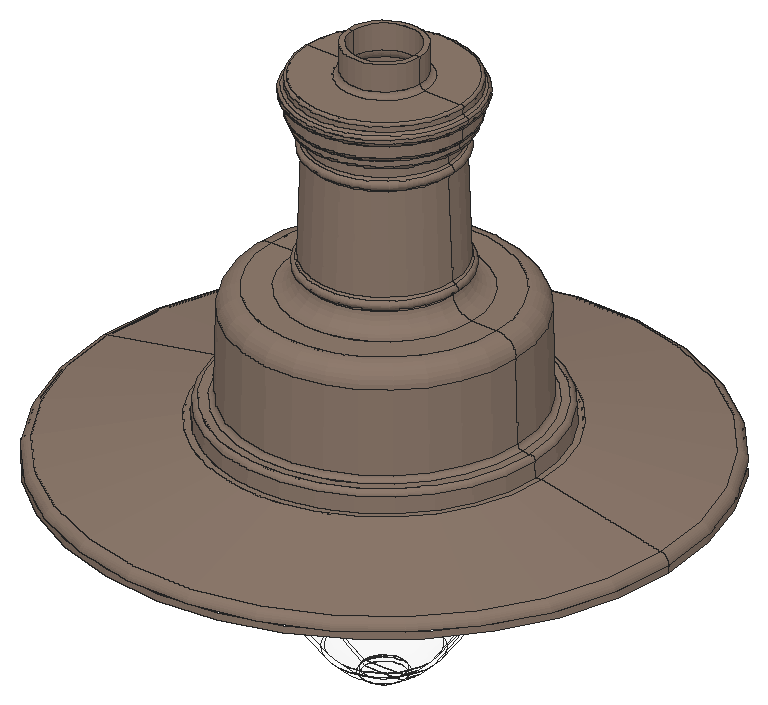
Revit family "LA194-TDL", category Generic Models, Revit 2017
Family settings
  Can host rebar = No
  Round Connector Dimension = Use Diameter
  Part Type = Normal
  Work Plane-Based = No
  Always vertical = Yes
  Cut with Voids When Loaded = No
  Shared = No
  Room Calculation Point = No
Parameters
  TDL = Glass, Frosted
  LA194 = ARCH. BRNZ.
Reference planes (in)
  plane 1 "Center (Front/Back)": y = 0
  plane 2: z = 0
  plane 3 "Center (Left/Right)": x = 0
Forms (in)
  Revolve 1, solid, material "ARCH. BRNZ." <- "LA194"
    sketch origin (0, 0, 0) x (1, 0, 0) y (0, 0, 1)
      loop
        arc (-3.57455, 22.44719) -> (-3.60437, 22.3707) -> (-3.6752, 22.32921) r 0.125
        arc (-3.6752, 22.32921) -> (-3.8362, 22.14159) -> (-3.69188, 21.94086) r 0.2
        arc (-3.69188, 21.94086) -> (-3.62204, 21.88933) -> (-3.60259, 21.80474) r 0.125
        arc (-3.60259, 21.80474) -> (-3.93413, 21.18192) -> (-4.59433, 20.93301) r 1
        line (-4.59433, 20.93301) -> (-5.89383, 20.93301)
        arc (-5.89383, 20.93301) -> (-6.59418, 20.64681) -> (-6.89364, 19.95201) r 1
        line (-6.89364, 19.95201) -> (-6.96873, 16.00126)
        arc (-6.96873, 16.00126) -> (-7.0436, 15.82756) -> (-7.21869, 15.75601) r 0.25
        line (-7.21869, 15.75601) -> (-7.625, 15.75601)
        arc (-7.625, 15.75601) -> (-7.80178, 15.68279) -> (-7.875, 15.50601) r 0.25
        line (-7.875, 15.50601) -> (-7.91317, 14.71409)
        arc (-7.91317, 14.71409) -> (-7.92552, 14.68706) -> (-7.95312, 14.67601) r 0.04
        line (-7.95312, 14.67601) -> (-8.125, 14.67601)
        arc (-8.125, 14.67601) -> (-8.15328, 14.6643) -> (-8.165, 14.63601) r 0.04
        line (-8.165, 14.63601) -> (-8.165, 14.35601) -> (-7.625, 14.35601) -> (-7.625, 14.73101) -> (-6.933, 14.73101) -> (-6.933, 14.98101) -> (-7.625, 14.98101) -> (-7.625, 15.50601) -> (-7.21869, 15.50601)
        arc (-7.21869, 15.50601) -> (-6.86851, 15.64912) -> (-6.71878, 15.99651) r 0.5
        line (-6.71878, 15.99651) -> (-6.64369, 19.94726)
        arc (-6.64369, 19.94726) -> (-6.41909, 20.46836) -> (-5.89383, 20.68301) r 0.75
        line (-5.89383, 20.68301) -> (-4.59433, 20.68301)
        arc (-4.59433, 20.68301) -> (-3.76908, 20.99415) -> (-3.35466, 21.77267) r 1.25
        arc (-3.35466, 21.77267) -> (-3.38337, 21.97193) -> (-3.511, 22.12763) r 0.375
        arc (-3.511, 22.12763) -> (-3.37795, 22.25881) -> (-3.32472, 22.43792) r 0.375
        line (-3.32472, 22.43792) -> (-3.14461, 27.28827)
        arc (-3.14461, 27.28827) -> (-3.18475, 27.47149) -> (-3.30859, 27.61236) r 0.375
        arc (-3.30859, 27.61236) -> (-3.17464, 27.74365) -> (-3.12103, 27.92338) r 0.375
        line (-3.12103, 27.92338) -> (-3.09983, 28.4941)
        arc (-3.09983, 28.4941) -> (-3.20454, 28.76821) -> (-3.47458, 28.88301) r 0.375
        line (-3.47458, 28.88301) -> (-3.675, 28.88301) -> (-3.675, 29.00801)
        arc (-3.675, 29.00801) -> (-3.72887, 29.20166) -> (-3.875, 29.33967) r 0.375
        line (-3.875, 29.33967) -> (-3.875, 30.60601) -> (-2.125, 30.60601)
        arc (-2.125, 30.60601) -> (-1.77145, 30.75246) -> (-1.625, 31.10601) r 0.5
        line (-1.625, 31.10601) -> (-1.625, 32.35601) -> (-1.875, 32.35601) -> (-1.875, 31.10601)
        arc (-1.875, 31.10601) -> (-1.94822, 30.92924) -> (-2.125, 30.85601) r 0.25
        line (-2.125, 30.85601) -> (-4, 30.85601)
        arc (-4, 30.85601) -> (-4.08839, 30.8194) -> (-4.125, 30.73101) r 0.125
        line (-4.125, 30.73101) -> (-4.125, 30.48101)
        arc (-4.125, 30.48101) -> (-4.16161, 30.39262) -> (-4.25, 30.35601) r 0.125
        arc (-4.25, 30.35601) -> (-4.33839, 30.3194) -> (-4.375, 30.23101) r 0.125
        line (-4.375, 30.23101) -> (-4.375, 30.05801)
        arc (-4.375, 30.05801) -> (-4.33839, 29.96962) -> (-4.25, 29.93301) r 0.125
        arc (-4.25, 29.93301) -> (-4.16161, 29.8964) -> (-4.125, 29.80801) r 0.125
        line (-4.125, 29.80801) -> (-4.125, 29.25296)
        arc (-4.125, 29.25296) -> (-4.09682, 29.1739) -> (-4.025, 29.13049) r 0.125
        arc (-4.025, 29.13049) -> (-3.95318, 29.08707) -> (-3.925, 29.00801) r 0.125
        line (-3.925, 29.00801) -> (-3.925, 28.75801)
        arc (-3.925, 28.75801) -> (-3.88839, 28.66962) -> (-3.8, 28.63301) r 0.125
        line (-3.8, 28.63301) -> (-3.47458, 28.63301)
        arc (-3.47458, 28.63301) -> (-3.38456, 28.59474) -> (-3.34966, 28.50337) r 0.125
        line (-3.34966, 28.50337) -> (-3.37085, 27.93266)
        arc (-3.37085, 27.93266) -> (-3.39926, 27.85786) -> (-3.46721, 27.81561) r 0.125
        arc (-3.46721, 27.81561) -> (-3.62486, 27.6241) -> (-3.48185, 27.42143) r 0.2045
        arc (-3.48185, 27.42143) -> (-3.41722, 27.37426) -> (-3.39444, 27.29755) r 0.125
        line (-3.39444, 27.29755) -> (-3.57455, 22.44719)
      axis (0, 32.35601) -> (0, 14.35601)
    angle from 0 to 360
  Revolve 2, solid, material "ARCH. BRNZ." <- "LA194"
    sketch origin (0, 0, 0) x (1, 0, 0) y (0, 0, 1)
      loop
        arc (-14.46199, 13.58898) -> (-14.75808, 13.41794) -> (-14.875, 13.09661) r 0.5
        line (-14.875, 13.09661) -> (-14.875, 12.76601) -> (-14.785, 12.76601) -> (-14.785, 13.09661)
        arc (-14.785, 13.09661) -> (-14.68912, 13.3601) -> (-14.44633, 13.50035) r 0.41
        line (-14.44633, 13.50035) -> (-8.24523, 14.67601) -> (-7.95312, 14.67601) -> (-7.95312, 14.76601) -> (-8.25312, 14.76601) -> (-14.46199, 13.58898)
      axis (0, 14.76601) -> (0, 12.76601)
    angle from 0 to 360
  Revolve 3, solid, material "Glass, Frosted" <- "TDL"
    sketch origin (0, 0, 0) x (1, 0, 0) y (0, 0, 1)
      loop
        line (0, 2.81839) -> (0, 3.09759) -> (-1.01347, 3.09759)
        arc (-1.01347, 3.09759) -> (-1.77896, 3.57849) -> (-2.44156, 4.19347) r 4.835
        arc (-2.44156, 4.19347) -> (-3.6895, 5.87739) -> (-4.70919, 7.70855) r 16.1727
        arc (-4.70919, 7.70855) -> (-5.56608, 10.17089) -> (-6.01247, 12.73957) r 16.02999
        line (-6.01247, 12.73957) -> (-6.01169, 14.23722) -> (-6.53415, 14.23743) -> (-6.53423, 14.08801) -> (-6.2051, 14.08801) -> (-6.2051, 12.72793)
        arc (-6.2051, 12.72793) -> (-5.75212, 10.12383) -> (-4.88214, 7.62789) r 16.21749
        arc (-4.88214, 7.62789) -> (-3.84861, 5.77378) -> (-2.5837, 4.0691) r 16.3602
        arc (-2.5837, 4.0691) -> (-1.90646, 3.43878) -> (-1.1251, 2.94339) r 5.0225
        line (-1.1251, 2.94339) -> (-1.0001, 2.81839) -> (0, 2.81839)
      axis (0, 14.23743) -> (0, 2.81839)
    angle from 0 to 360
  Revolve 4, solid, material "ARCH. BRNZ." <- "LA194"
    sketch origin (0, 0, 0) x (1, 0, 0) y (0, 0, 1)
      loop
        line (-7.48702, 13.86601) -> (-7.308, 13.86601) -> (-7.308, 13.93801) -> (-6.92, 13.93801) -> (-6.92, 13.88801) -> (-6.5, 13.88801) -> (-6.5, 14.08801) -> (-6.808, 14.08801) -> (-6.808, 14.23301) -> (-7.308, 14.23301) -> (-7.308, 14.60601) -> (-7.48702, 14.60601) -> (-7.48702, 13.86601)
      axis (0, 14.60601) -> (0, 13.86601)
    angle from 0 to 360
Dimensions and locks (in)
  aligned and locked: plane 2 to level
